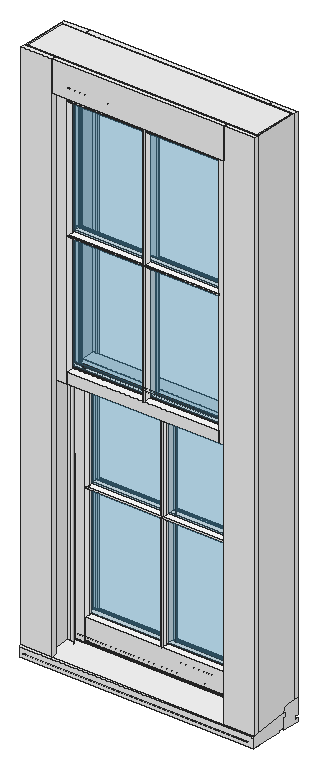
Revit family "B1-44", category Generic Models, Revit 2012 (continued)
Automatic sketch dimensions
  Extrusion 41 sketch curve to Extrusion 41 sketch curve = 13 mm
  Extrusion 41 sketch curve to Extrusion 41 sketch curve = 5 mm
  Extrusion 42 sketch curve to plane 8 = 4.921 mm
  plane 8 to Extrusion 42 sketch curve = 0.079 mm
  plane 8 to Extrusion 42 sketch curve = 7.079 mm
  Extrusion 42 sketch curve to Extrusion 42 sketch curve = 1 mm  (x2)
  Extrusion 42 sketch curve to Extrusion 42 sketch curve = 3 mm  (x3)
  Extrusion 42 sketch curve to plane 1 "Center (Front/Back)" = 38 mm
  Extrusion 42 sketch curve to Extrusion 42 sketch curve = 4 mm
  Extrusion 43 sketch curve to plane 8 = 51.01 mm
  Extrusion 43 sketch curve to Extrusion 43 sketch curve = 0.361 mm  (x2)
  Extrusion 43 sketch curve to Extrusion 43 sketch curve = 0.331 mm  (x2)
  Extrusion 43 sketch curve to Extrusion 43 sketch curve = 0.529 mm
  Extrusion 43 sketch curve to Extrusion 43 sketch curve = 3.012 mm
  Extrusion 43 sketch curve to Extrusion 43 sketch curve = 0.359 mm
  Extrusion 43 sketch curve to Extrusion 43 sketch curve = 0.129 mm  (x2)
  Extrusion 43 sketch curve to Extrusion 43 sketch curve = 0.752 mm
  Extrusion 43 sketch curve to Extrusion 43 sketch curve = 0.163 mm
  Extrusion 43 sketch curve to Extrusion 43 sketch curve = 0.848 mm
  Extrusion 43 sketch curve to Extrusion 43 sketch curve = 0.097 mm
  Extrusion 43 sketch curve to Extrusion 43 sketch curve = 0.227 mm
  Extrusion 43 sketch curve to Extrusion 43 sketch curve = 0.367 mm
  Extrusion 43 sketch curve to Extrusion 43 sketch curve = 0.604 mm
  Extrusion 43 sketch curve to Extrusion 43 sketch curve = 0.911 mm
  Extrusion 43 sketch curve to Extrusion 43 sketch curve = 0.79 mm  (x2)
  Extrusion 43 sketch curve to Extrusion 43 sketch curve = 1.387 mm
  Extrusion 43 sketch curve to Extrusion 43 sketch curve = 0.62 mm
  Extrusion 43 sketch curve to Extrusion 43 sketch curve = 0.185 mm
  Extrusion 43 sketch curve to Extrusion 43 sketch curve = 0.733 mm
  plane 7 to Extrusion 43 sketch curve = 73.654 mm
  Extrusion 43 sketch curve to Extrusion 43 sketch curve = 0.066 mm
  Extrusion 43 sketch curve to Extrusion 43 sketch curve = 1.649 mm
  Extrusion 43 sketch curve to Extrusion 43 sketch curve = 0.306 mm
  Extrusion 43 sketch curve to Extrusion 43 sketch curve = 2.482 mm
  Extrusion 43 sketch curve to Extrusion 43 sketch curve = 0.865 mm
  Extrusion 43 sketch curve to Extrusion 43 sketch curve = 0.036 mm
  Extrusion 43 sketch curve to Extrusion 43 sketch curve = 0.077 mm
  Extrusion 43 sketch curve to Extrusion 43 sketch curve = 1.035 mm
  Extrusion 43 sketch curve to Extrusion 43 sketch curve = 0.774 mm
  Extrusion 43 sketch curve to Extrusion 43 sketch curve = 0.368 mm
  Extrusion 43 sketch curve to Extrusion 43 sketch curve = 0.557 mm
  Extrusion 43 sketch curve to Extrusion 43 sketch curve = 0.18 mm
  Extrusion 43 sketch curve to Extrusion 43 sketch curve = 0.155 mm
  Extrusion 43 sketch curve to Extrusion 43 sketch curve = 0.228 mm
  Extrusion 44 sketch curve to plane 8 = 51.01 mm
  Extrusion 44 sketch curve to Extrusion 44 sketch curve = 0.402 mm
  Extrusion 44 sketch curve to Extrusion 44 sketch curve = 0.389 mm
  Extrusion 44 sketch curve to Extrusion 44 sketch curve = 3.47 mm
  Extrusion 44 sketch curve to Extrusion 44 sketch curve = 0.129 mm  (x2)
  Extrusion 44 sketch curve to Extrusion 44 sketch curve = 0.752 mm
  Extrusion 44 sketch curve to Extrusion 44 sketch curve = 0.163 mm
  Extrusion 44 sketch curve to Extrusion 44 sketch curve = 0.848 mm
  Extrusion 44 sketch curve to Extrusion 44 sketch curve = 0.092 mm
  Extrusion 44 sketch curve to Extrusion 44 sketch curve = 0.227 mm
  Extrusion 44 sketch curve to Extrusion 44 sketch curve = 0.4 mm
  Extrusion 44 sketch curve to Extrusion 44 sketch curve = 0.019 mm
  Extrusion 44 sketch curve to Extrusion 44 sketch curve = 0.794 mm
  Extrusion 44 sketch curve to Extrusion 44 sketch curve = 0.616 mm
  Extrusion 44 sketch curve to Extrusion 44 sketch curve = 0.767 mm
  Extrusion 44 sketch curve to Extrusion 44 sketch curve = 0.79 mm
  Extrusion 44 sketch curve to Extrusion 44 sketch curve = 0.784 mm
  Extrusion 44 sketch curve to Extrusion 44 sketch curve = 0.331 mm  (x2)
  Extrusion 44 sketch curve to plane 1 "Center (Front/Back)" = 42.945 mm
  Extrusion 44 sketch curve to Extrusion 44 sketch curve = 0.032 mm
  Extrusion 44 sketch curve to Extrusion 44 sketch curve = 0.011 mm
  Extrusion 44 sketch curve to Extrusion 44 sketch curve = 0.735 mm
  Extrusion 44 sketch curve to Extrusion 44 sketch curve = 0.552 mm
  Extrusion 44 sketch curve to Extrusion 44 sketch curve = 0.545 mm
  Extrusion 44 sketch curve to Extrusion 44 sketch curve = 0.126 mm
  Extrusion 44 sketch curve to Extrusion 44 sketch curve = 3.982 mm
  Extrusion 44 sketch curve to Extrusion 44 sketch curve = 3.772 mm
  Extrusion 44 sketch curve to Extrusion 44 sketch curve = 0.731 mm
  Extrusion 44 sketch curve to Extrusion 44 sketch curve = 0.088 mm
  Extrusion 44 sketch curve to Extrusion 44 sketch curve = 0.31 mm
  Extrusion 44 sketch curve to Extrusion 44 sketch curve = 0.222 mm
  Extrusion 44 sketch curve to Extrusion 44 sketch curve = 1.707 mm
  plane 7 to Extrusion 48 sketch curve = 16.974 mm
  Extrusion 48 sketch curve to plane 8 = 43.939 mm
  Extrusion 48 sketch curve to Extrusion 48 sketch curve = 5.328 mm
  Extrusion 48 sketch curve to Extrusion 48 sketch curve = 1.303 mm
  Extrusion 49 sketch curve to plane 8 = 43.976 mm
  plane 7 to Extrusion 49 sketch curve = 18.277 mm
  Extrusion 49 sketch curve to Extrusion 49 sketch curve = 2.083 mm
  Extrusion 49 sketch curve to Extrusion 49 sketch curve = 1.235 mm
  Extrusion 49 sketch curve to Extrusion 49 sketch curve = 2.363 mm
  Extrusion 49 sketch curve to Extrusion 49 sketch curve = 4.662 mm
  plane 1 "Center (Front/Back)" to Extrusion 50 sketch curve = 2.034 mm
  Extrusion 50 sketch curve to plane 8 = 42.228 mm
  Extrusion 50 sketch curve to Extrusion 50 sketch curve = 1.26 mm
  Extrusion 50 sketch curve to Extrusion 50 sketch curve = 3.11 mm
  Extrusion 50 sketch curve to Extrusion 50 sketch curve = 0.958 mm
  Extrusion 50 sketch curve to Extrusion 50 sketch curve = 1.305 mm
  Extrusion 51 sketch curve to plane 1 "Center (Front/Back)" = 2.628 mm
  Extrusion 51 sketch curve to plane 8 = 42.114 mm
  plane 1 "Center (Front/Back)" to Extrusion 51 sketch curve = 2.034 mm
  Extrusion 51 sketch curve to Extrusion 51 sketch curve = 2.083 mm
  Extrusion 51 sketch curve to Extrusion 51 sketch curve = 1.235 mm
  Extrusion 51 sketch curve to Extrusion 51 sketch curve = 2.363 mm
  plane 1 "Center (Front/Back)" to Extrusion 52 sketch curve = 1.25 mm  (x2)
  Extrusion 52 sketch curve to plane 8 = 42.921 mm
  Extrusion 52 sketch curve to Extrusion 52 sketch curve = 0.693 mm
  Extrusion 52 sketch curve to Extrusion 52 sketch curve = 0.8 mm  (x2)
  Extrusion 52 sketch curve to Extrusion 52 sketch curve = 1.557 mm
  Extrusion 52 sketch curve to Extrusion 52 sketch curve = 2.435 mm
  Extrusion 52 sketch curve to Extrusion 52 sketch curve = 0.536 mm
  Extrusion 52 sketch curve to Extrusion 52 sketch curve = 0.979 mm
  Extrusion 52 sketch curve to Extrusion 52 sketch curve = 0.786 mm  (x2)
  Extrusion 52 sketch curve to Extrusion 52 sketch curve = 1.303 mm
  Extrusion 52 sketch curve to Extrusion 52 sketch curve = 0.911 mm  (x2)
  Extrusion 52 sketch curve to Extrusion 52 sketch curve = 4 mm
  plane 7 to Extrusion 53 sketch curve = 0 mm
  Extrusion 53 sketch curve to plane 21 = 0 mm
  plane 17 to Extrusion 53 sketch curve = 0.079 mm
  Extrusion 53 sketch curve to Extrusion 53 sketch curve = 15 mm
  Extrusion 54 sketch curve to plane 4 = 0 mm
  Extrusion 54 sketch curve to plane 6 = 0 mm
  Extrusion 54 sketch curve to plane 12 = 0 mm
  Extrusion 54 sketch curve to plane 15 = 0 mm  (x2)
  plane 1 "Center (Front/Back)" to Extrusion 54 sketch curve = 8.25 mm
  Extrusion 54 sketch curve to Extrusion 54 sketch curve = 1.712 mm
  Extrusion 54 sketch curve to Extrusion 54 sketch curve = 0 mm  (x8)
  plane 1 "Center (Front/Back)" to Extrusion 54 sketch curve = 6.25 mm  (x2)
  Extrusion 54 sketch curve to Extrusion 54 sketch curve = 0.836 mm
  Extrusion 54 sketch curve to Extrusion 54 sketch curve = 0.634 mm
  Extrusion 54 sketch curve to Extrusion 54 sketch curve = 0.996 mm  (x6)
  Extrusion 54 sketch curve to Extrusion 54 sketch curve = 0.819 mm
  Extrusion 54 sketch curve to Extrusion 54 sketch curve = 0.456 mm
  plane 1 "Center (Front/Back)" to Extrusion 54 sketch curve = 1.25 mm  (x3)
  plane 15 to Extrusion 54 sketch curve = 7 mm
  Extrusion 54 sketch curve to plane 1 "Center (Front/Back)" = 61.75 mm
  Extrusion 54 sketch curve to Extrusion 54 sketch curve = 4 mm
  plane 12 to Extrusion 54 sketch curve = 4 mm
  plane 12 to Extrusion 54 sketch curve = 5 mm
  Extrusion 54 sketch curve to Extrusion 54 sketch curve = 2.25 mm
  Extrusion 54 sketch curve to Extrusion 54 sketch curve = 0.254 mm
  Extrusion 54 sketch curve to Extrusion 54 sketch curve = 0.508 mm  (x3)
  Extrusion 54 sketch curve to plane 13 = 2 mm
  Extrusion 54 sketch curve to Extrusion 54 sketch curve = 9 mm
  Extrusion 54 sketch curve to Extrusion 54 sketch curve = 8 mm
  Extrusion 54 sketch curve to plane 4 = 6 mm
  plane 6 to Extrusion 55 sketch curve = 0 mm
  plane 17 to Extrusion 55 sketch curve = 0.079 mm
  plane 1 "Center (Front/Back)" to Extrusion 55 sketch curve = 6.25 mm
  plane 21 to Extrusion 55 sketch curve = 18.079 mm
  plane 7 to Extrusion 56 sketch curve = 0 mm
  plane 5 to Extrusion 56 sketch curve = 0.079 mm
  Extrusion 56 sketch curve to plane 8 = 48.921 mm
  plane 7 to Extrusion 56 sketch curve = 15 mm
  Extrusion 57 sketch curve to plane 6 = 0 mm
  plane 5 to Extrusion 57 sketch curve = 0.079 mm
  plane 1 "Center (Front/Back)" to Extrusion 57 sketch curve = 6.25 mm
  Extrusion 57 sketch curve to plane 8 = 30.921 mm
  Extrusion 58 sketch curve to plane 4 = 0 mm
  Extrusion 58 sketch curve to plane 16 = 0 mm
  plane 1 "Center (Front/Back)" to Extrusion 58 sketch curve = 6.25 mm
  Extrusion 58 sketch curve to plane 16 = 4.175 mm
  plane 7 to Extrusion 58 sketch curve = 54.25 mm
  plane 7 to Extrusion 58 sketch curve = 20.25 mm
  plane 7 to Extrusion 58 sketch curve = 15 mm
  Extrusion 58 sketch curve to Extrusion 58 sketch curve = 4.913 mm  (x2)
  Extrusion 58 sketch curve to Extrusion 58 sketch curve = 3 mm
  plane 14 to Extrusion 58 sketch curve = 2.138 mm
  Extrusion 59 sketch curve to plane 4 = 0 mm
  plane 1 "Center (Front/Back)" to Extrusion 59 sketch curve = 6.25 mm
  Extrusion 59 sketch curve to plane 4 = 6 mm
  plane 7 to Extrusion 59 sketch curve = 15 mm
  Sweep 60 sketch curve to plane 16 = 0 mm
  plane 15 to Sweep 60 sketch curve = 0.005 mm
  Sweep 60 sketch curve to plane 8 = 48.921 mm
  profile plane to Sweep 60 sketch curve = 0 mm
  Sweep 60 sketch curve to Sweep 60 sketch curve = 3 mm
  Sweep 60 sketch curve to Sweep 60 sketch curve = 6 mm
  Sweep 60 sketch curve to profile plane = 176.75 mm
  Sweep 60 sketch curve to Sweep 60 sketch curve = 14 mm
  Extrusion 61 sketch curve to plane 15 = 0 mm
  Extrusion 61 sketch curve to plane 4 = 0 mm
  Extrusion 61 sketch curve to plane 7 = 0 mm
  plane 7 to Extrusion 61 sketch curve = 15 mm  (x2)
  Extrusion 61 sketch curve to Extrusion 61 sketch curve = 5 mm  (x2)
  plane 15 to Extrusion 61 sketch curve = 9 mm
  Extrusion 61 sketch curve to Extrusion 61 sketch curve = 8 mm
  Extrusion 61 sketch curve to plane 4 = 6 mm
  Extrusion 63 sketch curve to plane 8 = 4.922 mm
  plane 8 to Extrusion 63 sketch curve = 0.078 mm
  plane 8 to Extrusion 63 sketch curve = 7.078 mm
  Extrusion 63 sketch curve to Extrusion 63 sketch curve = 1 mm  (x2)
  Extrusion 63 sketch curve to Extrusion 63 sketch curve = 3 mm  (x3)
  plane 7 to Extrusion 63 sketch curve = 43.25 mm
  Extrusion 63 sketch curve to Extrusion 63 sketch curve = 4 mm
  Extrusion 64 sketch curve to plane 8 = 44.922 mm
  Extrusion 64 sketch curve to Extrusion 64 sketch curve = 0 mm  (x2)
  Extrusion 64 sketch curve to Extrusion 64 sketch curve = 3 mm  (x3)
  Extrusion 64 sketch curve to Extrusion 64 sketch curve = 6 mm  (x2)
  Extrusion 64 sketch curve to plane 8 = 4.922 mm
  Extrusion 64 sketch curve to plane 1 "Center (Front/Back)" = 71.5 mm
  Extrusion 64 sketch curve to Extrusion 64 sketch curve = 5 mm
  Extrusion 64 sketch curve to Extrusion 64 sketch curve = 13 mm
  Extrusion 64 sketch curve to Extrusion 64 sketch curve = 12 mm
  Extrusion 64 sketch curve to Extrusion 64 sketch curve = 21 mm
  plane 7 to Extrusion 65 sketch curve = 42.039 mm
  Extrusion 65 sketch curve to plane 11 = 342.285 mm
  plane 7 to Extrusion 65 sketch curve = 71.128 mm
  Extrusion 65 sketch curve to Extrusion 65 sketch curve = 0 mm  (x2)
  Extrusion 65 sketch curve to Extrusion 65 sketch curve = 2 mm  (x5)
  Extrusion 65 sketch curve to Extrusion 65 sketch curve = 7.449 mm
  Extrusion 65 sketch curve to Extrusion 65 sketch curve = 5.5 mm
  Extrusion 65 sketch curve to Extrusion 65 sketch curve = 7.036 mm  (x2)
  Extrusion 65 sketch curve to Extrusion 65 sketch curve = 1.928 mm
  Extrusion 65 sketch curve to plane 1 "Center (Front/Back)" = 73.468 mm
  Extrusion 65 sketch curve to Extrusion 65 sketch curve = 5 mm  (x2)
  Extrusion 65 sketch curve to Extrusion 65 sketch curve = 7.551 mm
  Extrusion 65 sketch curve to Extrusion 65 sketch curve = 2.8 mm
  Extrusion 65 sketch curve to Extrusion 65 sketch curve = 6 mm  (x2)
  Extrusion 65 sketch curve to Extrusion 65 sketch curve = 1.693 mm
  Extrusion 65 sketch curve to Extrusion 65 sketch curve = 2.5 mm  (x2)
  plane 7 to Extrusion 66 sketch curve = 62.035 mm
  Extrusion 66 sketch curve to plane 11 = 342.285 mm
  Extrusion 66 sketch curve to Extrusion 66 sketch curve = 20 mm
  Extrusion 66 sketch curve to Extrusion 66 sketch curve = 16 mm
  plane 17 to Extrusion 67 sketch curve = 7.079 mm
  plane 17 to Extrusion 67 sketch curve = 8.579 mm  (x2)
  plane 17 to Extrusion 67 sketch curve = 31.079 mm  (x2)
  Extrusion 67 sketch curve to plane 21 = 28.421 mm  (x2)
  Extrusion 67 sketch curve to plane 1 "Center (Front/Back)" = 7.75 mm
  Extrusion 67 sketch curve to Extrusion 67 sketch curve = 1.5 mm
  Extrusion 67 sketch curve to plane 21 = 6.921 mm
  plane 21 to Extrusion 67 sketch curve = 0.079 mm
  Extrusion 67 sketch curve to Extrusion 67 sketch curve = 14 mm
  Extrusion 67 sketch curve to plane 1 "Center (Front/Back)" = 30.25 mm
  Extrusion 67 sketch curve to Extrusion 67 sketch curve = 22.5 mm  (x2)
  Extrusion 67 sketch curve to Extrusion 67 sketch curve = 9 mm
  Extrusion 67 sketch curve to Extrusion 67 sketch curve = 11.5 mm  (x2)
  Extrusion 67 sketch curve to Extrusion 67 sketch curve = 4 mm
  Extrusion 67 sketch curve to Extrusion 67 sketch curve = 3 mm
  plane 7 to Extrusion 67 sketch curve = 29 mm
  plane 17 to Extrusion 68 sketch curve = 34.062 mm  (x2)
  Extrusion 68 sketch curve to plane 21 = 2.938 mm  (x4)
  plane 21 to Extrusion 68 sketch curve = 0.062 mm  (x2)
  plane 7 to Extrusion 68 sketch curve = 37.812 mm
  Extrusion 68 sketch curve to Extrusion 68 sketch curve = 6.5 mm  (x3)
  Extrusion 68 sketch curve to Extrusion 68 sketch curve = 16 mm  (x2)
  Extrusion 68 sketch curve to Extrusion 68 sketch curve = 42 mm
  Extrusion 68 sketch curve to plane 1 "Center (Front/Back)" = 37.437 mm
  plane 21 to Extrusion 69 sketch curve = 4.078 mm  (x2)
  Extrusion 69 sketch curve to Extrusion 69 sketch curve = 0 mm
  Extrusion 69 sketch curve to Extrusion 69 sketch curve = 3 mm  (x3)
  Extrusion 69 sketch curve to Extrusion 69 sketch curve = 6 mm  (x2)
  plane 22 to Extrusion 69 sketch curve = 4.922 mm
  Extrusion 69 sketch curve to plane 22 = 1.078 mm
  Extrusion 69 sketch curve to plane 22 = 11.078 mm
  plane 7 to Extrusion 69 sketch curve = 21.25 mm
  Extrusion 69 sketch curve to Extrusion 69 sketch curve = 21 mm
  Extrusion 69 sketch curve to Extrusion 69 sketch curve = 12 mm  (x2)
  Extrusion 69 sketch curve to Extrusion 69 sketch curve = 13 mm
  Extrusion 69 sketch curve to Extrusion 69 sketch curve = 2 mm
  Extrusion 69 sketch curve to Extrusion 69 sketch curve = 5 mm
  plane 21 to Extrusion 70 sketch curve = 4.079 mm  (x2)
  Extrusion 70 sketch curve to Extrusion 70 sketch curve = 0 mm
  plane 1 "Center (Front/Back)" to Extrusion 70 sketch curve = 0 mm
  Extrusion 70 sketch curve to Extrusion 70 sketch curve = 3 mm  (x4)
  Extrusion 70 sketch curve to Extrusion 70 sketch curve = 6 mm
  plane 22 to Extrusion 70 sketch curve = 4.921 mm
  Extrusion 70 sketch curve to plane 22 = 1.079 mm
  Extrusion 70 sketch curve to plane 22 = 11.079 mm
  Extrusion 70 sketch curve to plane 1 "Center (Front/Back)" = 10 mm
  Extrusion 70 sketch curve to Extrusion 70 sketch curve = 2 mm
  Extrusion 70 sketch curve to Extrusion 70 sketch curve = 21 mm
  Extrusion 70 sketch curve to Extrusion 70 sketch curve = 12 mm
  Extrusion 70 sketch curve to Extrusion 70 sketch curve = 13 mm
  Extrusion 70 sketch curve to Extrusion 70 sketch curve = 5 mm
  Extrusion 72 sketch curve to plane 21 = 2.01 mm
  Extrusion 72 sketch curve to Extrusion 72 sketch curve = 0.361 mm
  Extrusion 72 sketch curve to Extrusion 72 sketch curve = 0.331 mm  (x3)
  Extrusion 72 sketch curve to Extrusion 72 sketch curve = 0.529 mm
  plane 21 to Extrusion 72 sketch curve = 1.893 mm
  Extrusion 72 sketch curve to Extrusion 72 sketch curve = 0.359 mm
  Extrusion 72 sketch curve to Extrusion 72 sketch curve = 0.129 mm  (x2)
  Extrusion 72 sketch curve to Extrusion 72 sketch curve = 0.752 mm
  Extrusion 72 sketch curve to Extrusion 72 sketch curve = 0.163 mm
  plane 21 to Extrusion 72 sketch curve = 3.228 mm
  Extrusion 72 sketch curve to Extrusion 72 sketch curve = 0.097 mm
  Extrusion 72 sketch curve to Extrusion 72 sketch curve = 0.227 mm
  Extrusion 72 sketch curve to Extrusion 72 sketch curve = 0.367 mm
  Extrusion 72 sketch curve to Extrusion 72 sketch curve = 0.604 mm
  Extrusion 72 sketch curve to Extrusion 72 sketch curve = 0.911 mm
  Extrusion 72 sketch curve to Extrusion 72 sketch curve = 0.79 mm  (x2)
  Extrusion 72 sketch curve to Extrusion 72 sketch curve = 1.387 mm
  Extrusion 72 sketch curve to Extrusion 72 sketch curve = 0.62 mm
  Extrusion 72 sketch curve to Extrusion 72 sketch curve = 0.185 mm
  Extrusion 72 sketch curve to Extrusion 72 sketch curve = 0.733 mm
  plane 7 to Extrusion 72 sketch curve = 64.201 mm
  Extrusion 72 sketch curve to Extrusion 72 sketch curve = 0.044 mm
  Extrusion 72 sketch curve to Extrusion 72 sketch curve = 0.155 mm
  Extrusion 72 sketch curve to Extrusion 72 sketch curve = 1.178 mm
  Extrusion 72 sketch curve to Extrusion 72 sketch curve = 0.18 mm
  Extrusion 72 sketch curve to Extrusion 72 sketch curve = 0.545 mm
  Extrusion 72 sketch curve to Extrusion 72 sketch curve = 0.126 mm
  Extrusion 72 sketch curve to Extrusion 72 sketch curve = 3.329 mm
  Extrusion 72 sketch curve to Extrusion 72 sketch curve = 0.782 mm
  Extrusion 72 sketch curve to Extrusion 72 sketch curve = 0.443 mm
  Extrusion 72 sketch curve to Extrusion 72 sketch curve = 0.342 mm
  Extrusion 72 sketch curve to Extrusion 72 sketch curve = 0.534 mm
  Extrusion 72 sketch curve to Extrusion 72 sketch curve = 0.024 mm
  Extrusion 72 sketch curve to Extrusion 72 sketch curve = 1.649 mm
  Extrusion 72 sketch curve to Extrusion 72 sketch curve = 0.066 mm
  Extrusion 73 sketch curve to plane 21 = 2.01 mm
  Extrusion 73 sketch curve to Extrusion 73 sketch curve = 0.402 mm
  Extrusion 73 sketch curve to Extrusion 73 sketch curve = 0.389 mm
  plane 21 to Extrusion 73 sketch curve = 2.251 mm
  Extrusion 73 sketch curve to Extrusion 73 sketch curve = 0.129 mm  (x2)
  Extrusion 73 sketch curve to Extrusion 73 sketch curve = 0.752 mm
  Extrusion 73 sketch curve to Extrusion 73 sketch curve = 0.163 mm
  plane 21 to Extrusion 73 sketch curve = 3.228 mm
  Extrusion 73 sketch curve to Extrusion 73 sketch curve = 0.092 mm
  Extrusion 73 sketch curve to Extrusion 73 sketch curve = 0.227 mm
  Extrusion 73 sketch curve to Extrusion 73 sketch curve = 0.4 mm
  Extrusion 73 sketch curve to Extrusion 73 sketch curve = 0.019 mm
  Extrusion 73 sketch curve to Extrusion 73 sketch curve = 0.794 mm
  Extrusion 73 sketch curve to Extrusion 73 sketch curve = 0.616 mm
  Extrusion 73 sketch curve to Extrusion 73 sketch curve = 0.767 mm
  Extrusion 73 sketch curve to Extrusion 73 sketch curve = 0.79 mm
  Extrusion 73 sketch curve to Extrusion 73 sketch curve = 0.784 mm
  Extrusion 73 sketch curve to Extrusion 73 sketch curve = 0.331 mm  (x2)
  Extrusion 73 sketch curve to plane 1 "Center (Front/Back)" = 52.39 mm
  Extrusion 73 sketch curve to Extrusion 73 sketch curve = 1.707 mm
  Extrusion 73 sketch curve to Extrusion 73 sketch curve = 0.222 mm
  Extrusion 73 sketch curve to Extrusion 73 sketch curve = 0.555 mm
  Extrusion 73 sketch curve to Extrusion 73 sketch curve = 0.865 mm
  Extrusion 73 sketch curve to Extrusion 73 sketch curve = 0.036 mm
  Extrusion 73 sketch curve to Extrusion 73 sketch curve = 0.731 mm
  Extrusion 73 sketch curve to Extrusion 73 sketch curve = 0.077 mm
  Extrusion 73 sketch curve to Extrusion 73 sketch curve = 0.522 mm
  Extrusion 73 sketch curve to Extrusion 73 sketch curve = 0.368 mm
  Extrusion 73 sketch curve to Extrusion 73 sketch curve = 0.552 mm
  Extrusion 73 sketch curve to Extrusion 73 sketch curve = 0.735 mm
  Extrusion 73 sketch curve to Extrusion 73 sketch curve = 0.072 mm
  Extrusion 73 sketch curve to Extrusion 73 sketch curve = 0.083 mm
  plane 21 to Extrusion 74 sketch curve = 5.061 mm
  Extrusion 74 sketch curve to Extrusion 74 sketch curve = 5.328 mm
  plane 7 to Extrusion 74 sketch curve = 16.974 mm
  Extrusion 74 sketch curve to Extrusion 74 sketch curve = 1.303 mm
  plane 21 to Extrusion 75 sketch curve = 5.024 mm
  Extrusion 75 sketch curve to Extrusion 75 sketch curve = 2.083 mm
  Extrusion 75 sketch curve to Extrusion 75 sketch curve = 1.235 mm
  Extrusion 75 sketch curve to Extrusion 75 sketch curve = 2.363 mm
  plane 7 to Extrusion 75 sketch curve = 18.277 mm
  Extrusion 75 sketch curve to Extrusion 75 sketch curve = 4.662 mm
  plane 1 "Center (Front/Back)" to Extrusion 76 sketch curve = 2.034 mm
  plane 21 to Extrusion 76 sketch curve = 6.772 mm
  Extrusion 76 sketch curve to Extrusion 76 sketch curve = 1.26 mm
  Extrusion 76 sketch curve to Extrusion 76 sketch curve = 3.11 mm
  Extrusion 76 sketch curve to Extrusion 76 sketch curve = 0.958 mm
  Extrusion 76 sketch curve to Extrusion 76 sketch curve = 1.305 mm
  Extrusion 77 sketch curve to plane 1 "Center (Front/Back)" = 2.628 mm
  plane 21 to Extrusion 77 sketch curve = 6.886 mm
  plane 1 "Center (Front/Back)" to Extrusion 77 sketch curve = 2.034 mm
  Extrusion 77 sketch curve to Extrusion 77 sketch curve = 2.083 mm
  Extrusion 77 sketch curve to Extrusion 77 sketch curve = 1.235 mm
  Extrusion 77 sketch curve to Extrusion 77 sketch curve = 2.363 mm
  plane 1 "Center (Front/Back)" to Extrusion 78 sketch curve = 1.25 mm  (x2)
  plane 21 to Extrusion 78 sketch curve = 6.079 mm
  Extrusion 78 sketch curve to Extrusion 78 sketch curve = 0.693 mm
  Extrusion 78 sketch curve to Extrusion 78 sketch curve = 0.8 mm  (x2)
  Extrusion 78 sketch curve to Extrusion 78 sketch curve = 1.557 mm
  Extrusion 78 sketch curve to Extrusion 78 sketch curve = 2.435 mm
  Extrusion 78 sketch curve to Extrusion 78 sketch curve = 0.536 mm
  Extrusion 78 sketch curve to Extrusion 78 sketch curve = 0.979 mm
  Extrusion 78 sketch curve to Extrusion 78 sketch curve = 0.786 mm  (x2)
  Extrusion 78 sketch curve to Extrusion 78 sketch curve = 1.303 mm
  Extrusion 78 sketch curve to Extrusion 78 sketch curve = 0.911 mm  (x2)
  Extrusion 78 sketch curve to Extrusion 78 sketch curve = 4 mm
  plane 7 to Extrusion 79 sketch curve = 0 mm
  plane 17 to Extrusion 79 sketch curve = 0.079 mm
  plane 21 to Extrusion 79 sketch curve = 0.079 mm
  plane 7 to Extrusion 79 sketch curve = 15 mm
  plane 6 to Extrusion 80 sketch curve = 0 mm
  plane 17 to Extrusion 80 sketch curve = 0.079 mm
  plane 1 "Center (Front/Back)" to Extrusion 80 sketch curve = 6.25 mm
  plane 21 to Extrusion 80 sketch curve = 18.079 mm
  Extrusion 81 sketch curve to plane 4 = 0 mm
  Extrusion 81 sketch curve to plane 16 = 0 mm
  plane 1 "Center (Front/Back)" to Extrusion 81 sketch curve = 6.25 mm
  Extrusion 81 sketch curve to plane 16 = 4.175 mm
  plane 7 to Extrusion 81 sketch curve = 54.25 mm
  plane 7 to Extrusion 81 sketch curve = 20.25 mm
  plane 7 to Extrusion 81 sketch curve = 15 mm
  Extrusion 81 sketch curve to Extrusion 81 sketch curve = 4.913 mm  (x2)
  Extrusion 81 sketch curve to Extrusion 81 sketch curve = 3 mm
  plane 14 to Extrusion 81 sketch curve = 2.138 mm
  Extrusion 82 sketch curve to plane 21 = 25.921 mm
  Extrusion 82 sketch curve to Extrusion 82 sketch curve = 9 mm  (x2)
  plane 1 "Center (Front/Back)" to Extrusion 82 sketch curve = 1.25 mm  (x2)
  Extrusion 82 sketch curve to Extrusion 82 sketch curve = 8 mm  (x2)
  plane 21 to Extrusion 82 sketch curve = 0.079 mm
  plane 7 to Extrusion 82 sketch curve = 20 mm
  Extrusion 82 sketch curve to Extrusion 82 sketch curve = 0 mm
  Extrusion 82 sketch curve to Extrusion 82 sketch curve = 5 mm  (x2)
  plane 21 to Extrusion 84 sketch curve = 4.078 mm  (x3)
  Extrusion 84 sketch curve to Extrusion 84 sketch curve = 3 mm  (x3)
  Extrusion 84 sketch curve to Extrusion 84 sketch curve = 6 mm  (x2)
  plane 22 to Extrusion 84 sketch curve = 4.922 mm
  plane 7 to Extrusion 84 sketch curve = 21.25 mm
  Extrusion 84 sketch curve to Extrusion 84 sketch curve = 21 mm
  Extrusion 84 sketch curve to Extrusion 84 sketch curve = 12 mm
  Extrusion 84 sketch curve to Extrusion 84 sketch curve = 13 mm
  Extrusion 84 sketch curve to Extrusion 84 sketch curve = 5 mm
  plane 15 to Extrusion 91 sketch curve = 6.875 mm  (x3)
  plane 15 to Extrusion 91 sketch curve = 3.875 mm
  Extrusion 91 sketch curve to Extrusion 91 sketch curve = 3 mm  (x2)
  plane 15 to Extrusion 91 sketch curve = 0.875 mm  (x2)
  plane 27 to Extrusion 91 sketch curve = 14.937 mm
  plane 7 to Extrusion 91 sketch curve = 21.25 mm
  Extrusion 91 sketch curve to Extrusion 91 sketch curve = 21 mm
  Extrusion 91 sketch curve to Extrusion 91 sketch curve = 12 mm
  Extrusion 91 sketch curve to Extrusion 91 sketch curve = 13 mm
  Extrusion 91 sketch curve to Extrusion 91 sketch curve = 5 mm
  plane 15 to Extrusion 92 sketch curve = 7.999 mm  (x2)
  Extrusion 92 sketch curve to Extrusion 92 sketch curve = 0 mm
  plane 1 "Center (Front/Back)" to Extrusion 92 sketch curve = 0 mm
  Extrusion 92 sketch curve to Extrusion 92 sketch curve = 3 mm  (x3)
  plane 15 to Extrusion 92 sketch curve = 1.999 mm  (x2)
  Extrusion 92 sketch curve to plane 12 = 14.001 mm
  plane 27 to Extrusion 92 sketch curve = 10.062 mm
  plane 27 to Extrusion 92 sketch curve = 0.062 mm
  Extrusion 92 sketch curve to plane 1 "Center (Front/Back)" = 10 mm
  Extrusion 92 sketch curve to Extrusion 92 sketch curve = 2 mm
  Extrusion 92 sketch curve to Extrusion 92 sketch curve = 21 mm
  Extrusion 92 sketch curve to Extrusion 92 sketch curve = 12 mm
  Extrusion 92 sketch curve to Extrusion 92 sketch curve = 13 mm
  Extrusion 92 sketch curve to Extrusion 92 sketch curve = 5 mm
  Extrusion 1 sketch curve to plane 1 "Center (Front/Back)" = 0 mm
  Extrusion 1 sketch curve to plane 11 = 0 mm
  plane 10 to Extrusion 1 sketch curve = 1.398 mm
  Extrusion 1 sketch curve to plane 1 "Center (Front/Back)" = 10 mm
  Extrusion 1 sketch curve to plane 1 "Center (Front/Back)" = 12 mm
  Extrusion 1 sketch curve to plane 10 = 0.602 mm
  Extrusion 1 sketch curve to Extrusion 1 sketch curve = 6 mm  (x2)
  Extrusion 1 sketch curve to Extrusion 1 sketch curve = 30.175 mm
  Extrusion 1 sketch curve to Extrusion 1 sketch curve = 16 mm  (x2)
  Extrusion 1 sketch curve to Extrusion 1 sketch curve = 20 mm
  Extrusion 1 sketch curve to Extrusion 1 sketch curve = 1.453 mm
  Extrusion 1 sketch curve to Extrusion 1 sketch curve = 0.923 mm
  Extrusion 1 sketch curve to Extrusion 1 sketch curve = 1.388 mm
  Extrusion 1 sketch curve to plane 10 = 12.959 mm
  Extrusion 1 sketch curve to Extrusion 1 sketch curve = 0.641 mm
  Extrusion 1 sketch curve to plane 10 = 10.274 mm
  Extrusion 1 sketch curve to Extrusion 1 sketch curve = 1.127 mm
  Extrusion 1 sketch curve to Extrusion 1 sketch curve = 2.057 mm
  Extrusion 1 sketch curve to Extrusion 1 sketch curve = 0.597 mm
  Extrusion 1 sketch curve to Extrusion 1 sketch curve = 0.817 mm  (x2)
  plane 11 to Extrusion 1 sketch curve = 3.398 mm
  Extrusion 1 sketch curve to Extrusion 1 sketch curve = 29 mm
  Extrusion 1 sketch curve to Extrusion 1 sketch curve = 4 mm  (x4)
  plane 11 to Extrusion 1 sketch curve = 5.398 mm
  Extrusion 1 sketch curve to Extrusion 1 sketch curve = 3 mm  (x3)
  plane 11 to Extrusion 1 sketch curve = 1.398 mm
  Extrusion 1 sketch curve to Extrusion 1 sketch curve = 1 mm  (x2)
  Extrusion 1 sketch curve to Extrusion 1 sketch curve = 8 mm
  Extrusion 1 sketch curve to Extrusion 1 sketch curve = 10 mm
  Extrusion 1 sketch curve to Extrusion 1 sketch curve = 4.643 mm
  Extrusion 1 sketch curve to Extrusion 1 sketch curve = 0.673 mm
  Extrusion 1 sketch curve to Extrusion 1 sketch curve = 1.157 mm
  Extrusion 1 sketch curve to plane 10 = 14.602 mm
  Extrusion 1 sketch curve to Extrusion 1 sketch curve = 0.824 mm
  Extrusion 1 sketch curve to plane 10 = 8.602 mm
  radius of Extrusion 36 sketch curve = 3.5 mm  (x2)
  radius of Extrusion 67 sketch curve = 3.5 mm  (x2)
Types (3, lengths in mm): name | Width | Height | GlazingPanelMaterial | Floor Material
  Window Sill drawing | 757 | 1770 | Glass | White
  Access Manager | 1250 | 1250 | none | none
  window family | 757 | 1770 | Glass | 1.12A ANCHOR FIXING
